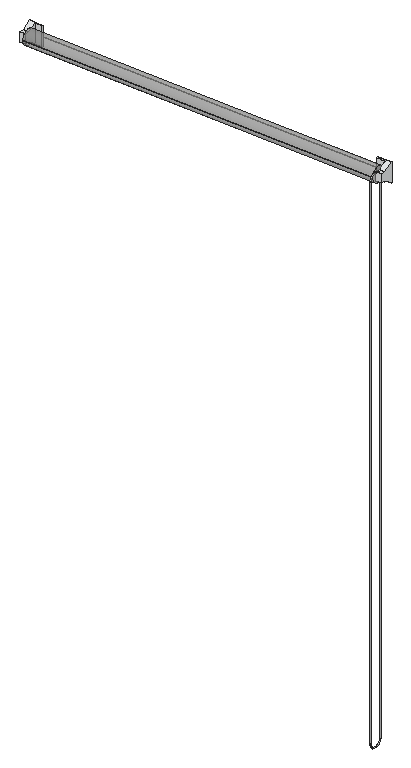
Revit family "Window_Shade-Draper_Inc.-Clutch_Flexshade", category Specialty Equipment, Revit 2026
Family settings
  Round Connector Dimension = Use Diameter
  Part Type = Normal
  Classification Number = 23.30.20.11
  Work Plane-Based = No
  Enable Cutting in Views = No
  Always vertical = Yes
  Cut with Voids When Loaded = No
  Maintain Annotation Orientation = No
  Shared = No
  Room Calculation Point = No
Parameters (values of type "Brackets Only - Small")
  Width = B1  # 0' - 3 7/16"
  URL = "http://www.DraperInc.com"
  Square Fascia = no
  Shade Material = Fabric - Draper - Green Screen Revive 5%
  Right Bead Chain [instance] = yes
  Raised [instance] = not(Lowered)  # yes
  Radius Fascia = no
  Product Page URL = "http://www.draperinc.com/WindowShades/shadeProducts.asp?detail=12"
  Product Name = "Bead Chain Clutch Operating System"  # constant formula
  Product Documentation Link = "http://www.draperinc.com/filedownload.asp?pathname=WindowShades/submittals&filename=FlexShadeCL_Sub.pdf"
  Overall Height = 6' - 0"
  Notes = "Maximum size 144” x 144”. Other sizes available. Contact Draper for details."  # constant formula
  Not BO = not(Brackets Only)  # no
  Model = "Bead Chain Clutch Operating System"  # constant formula
  Material = ""
  Manufacturer Contact = "1-800-238-7999"  # constant formula
  Manufacturer = "Draper Inc."  # constant formula
  Lowered [instance] = no
  Length = 4' - 0"
  Left Bead Chain [instance] = no
  Head Box = no
  Description = "Bead Chain Clutch Window Shade"  # constant formula
  Depth = A1  # 0' - 3 15/16"
  Default Elevation = 0' - 0"
  Case Material = Paint - Draper - White
  C Length = if(Length < 0' 6", 0' 6", Length)  # 4' - 0"
  Brackets Only = yes
  A2 = 0' - 2 1/2"
  B2 = 0' - 1 5/8"
  C2 = 0' - 0 3/4"
  A1 = 0' - 3 15/16"
  B1 = 0' - 3 7/16"
  C1 = 0' - 1 3/16"
  D1 = 0' - 0 5/8"
  E1 = 0' - 0 1/16"
Types (8): name | Width | Square Fascia | Radius Fascia | Product Page URL | Overall Height | Not BO | Length | Head Box | Depth | C Length | Brackets Only | A2 | B2 | A1 | B1 | C1 | E1
  Brackets Only - Small | 0' - 3 7/16" | no | no | "http://www.draperinc.com/WindowShades/shadeProducts.asp?detail=12" | 6' - 0" | no | 4' - 0" | no | 0' - 3 15/16" | 4' - 0" | yes | 0' - 2 1/2" | 0' - 1 5/8" | 0' - 3 15/16" | 0' - 3 7/16" | 0' - 1 3/16" | 0' - 0 1/16"
  Brackets Only - Large | 0' - 4 11/16" | no | no | "http://www.draperinc.com/WindowShades/shadeProducts.asp?detail=3" | 5' - 9 1/2" | no | 8' - 2 7/8" | no | 0' - 4 11/16" | 8' - 2 7/8" | yes | 0' - 3 1/4" | 0' - 2 1/4" | 0' - 4 11/16" | 0' - 4 11/16" | 0' - 1 9/16" | 0' - 0 3/32"
  Headbox - Large | 0' - 4 11/16" | no | no | "http://www.draperinc.com/WindowShades/shadeProducts.asp?detail=3" | 5' - 9 1/2" | yes | 8' - 2 7/8" | yes | 0' - 4 11/16" | 8' - 2 7/8" | no | 0' - 3 1/4" | 0' - 2 1/4" | 0' - 4 11/16" | 0' - 4 11/16" | 0' - 1 9/16" | 0' - 0 3/32"
  Headbox - Small | 0' - 3 7/16" | no | no | "http://www.draperinc.com/WindowShades/shadeProducts.asp?detail=12" | 6' - 0" | yes | 4' - 0" | yes | 0' - 3 15/16" | 4' - 0" | no | 0' - 2 1/2" | 0' - 1 5/8" | 0' - 3 15/16" | 0' - 3 7/16" | 0' - 1 3/16" | 0' - 0 1/16"
  Radius Fascia - Small | 0' - 3 7/16" | no | yes | "http://www.draperinc.com/WindowShades/shadeProducts.asp?detail=12" | 6' - 0" | yes | 4' - 0" | no | 0' - 3 15/16" | 4' - 0" | no | 0' - 2 1/2" | 0' - 1 5/8" | 0' - 3 15/16" | 0' - 3 7/16" | 0' - 1 3/16" | 0' - 0 1/16"
  Radius Fascia - Large | 0' - 4 11/16" | no | yes | "http://www.draperinc.com/WindowShades/shadeProducts.asp?detail=3" | 5' - 9 1/2" | yes | 8' - 2 7/8" | no | 0' - 4 11/16" | 8' - 2 7/8" | no | 0' - 3 1/4" | 0' - 2 1/4" | 0' - 4 11/16" | 0' - 4 11/16" | 0' - 1 9/16" | 0' - 0 3/32"
  Square Fascia - Small | 0' - 3 7/16" | yes | no | "http://www.draperinc.com/WindowShades/shadeProducts.asp?detail=12" | 6' - 0" | yes | 4' - 0" | no | 0' - 3 15/16" | 4' - 0" | no | 0' - 2 1/2" | 0' - 1 5/8" | 0' - 3 15/16" | 0' - 3 7/16" | 0' - 1 3/16" | 0' - 0 1/16"
  Square Fascia - Large | 0' - 4 11/16" | yes | no | "http://www.draperinc.com/WindowShades/shadeProducts.asp?detail=3" | 5' - 9 1/2" | yes | 8' - 2 7/8" | no | 0' - 4 11/16" | 8' - 2 7/8" | no | 0' - 3 1/4" | 0' - 2 1/4" | 0' - 4 11/16" | 0' - 4 11/16" | 0' - 1 9/16" | 0' - 0 3/32"
Reference planes (in)
  plane 1 "Center (Front/Back)": y = 0
  plane 2 "B/ Case": z = 0
  plane 3 "Center (Left/Right)": x = 0
  plane 4 "Front": y = -3.9375
  plane 5 "Left": x = -24
  plane 6 "Right": x = 24
  plane 7 "Bottom": z = -72
  plane 8: x = -23.9375
  plane 9: x = 23.9375
  plane 10: z = -71.4775
  plane 11: x = -23.1875
  plane 12: x = 23.1875
  plane 13 "Top": z = 3.4375
  plane 14: y = -1.1875
  plane 15 "Chain": x = 23.4375
  plane 16: z = -66
  plane 17: x = -23.4375
Forms (in)
  Extrusion 1, solid, material "Fabric - Draper - Green Screen Revive 5%" <- "Shade Material", visible <- "Lowered"
    sketch origin (0, 0, 0) x (0, 1, 0) y (0, 0, 1)
      loop
        spline (-0.62504, -72) -> (-0.61311, -71.9726) -> (-0.6027, -71.93679) -> (-0.59419, -71.89386) -> (-0.58788, -71.84536) -> (-0.584, -71.79303) -> (-0.58269, -71.73875) -> (-0.584, -71.68447) -> (-0.58788, -71.63214) -> (-0.59419, -71.58364) -> (-0.6027, -71.54072) -> (-0.61311, -71.50491) -> (-0.62504, -71.4775)
        line (-0.62504, -71.4775) -> (-0.68598, -71.4775)
        spline (-0.68598, -71.4775) -> (-0.69791, -71.50491) -> (-0.70832, -71.54072) -> (-0.71683, -71.58364) -> (-0.72314, -71.63214) -> (-0.72702, -71.68447) -> (-0.72833, -71.73875) -> (-0.72702, -71.79303) -> (-0.72314, -71.84536) -> (-0.71683, -71.89386) -> (-0.70832, -71.93679) -> (-0.69791, -71.9726) -> (-0.68598, -72)
        line (-0.68598, -72) -> (-0.62504, -72)
    from -23.1875 to 23.1875
  Sweep 2, solid, material "Fabric - Draper - Green Screen Revive 5%" <- "Shade Material", visible <- "Lowered"
    path origin (0, 0, 0) x (0, 1, 0) y (0, 0, 1)
      loop
        line (-0.65551, 1.5625) -> (-0.65551, -71.4775)
    profile origin (0, -0.65551, -71.4775) x (1, 0, 0) y (0, 1, 0)
      loop
        line (-23.1875, 0.03125) -> (-23.1875, -0.03125) -> (23.1875, -0.03125) -> (23.1875, 0.03125) -> (-23.1875, 0.03125)
  Sweep 3, solid, material "Metal - Draper - Chain", visible <- "Right Bead Chain", detail levels medium+fine
    path origin (23.4375, 0, 0) x (0, -1, 0) y (0, 0, 1)
      loop
        line (2.03125, 2.36145) -> (1.90625, 2.36145)
        arc (1.90625, 2.36145) -> (1.37592, 2.14178) -> (1.15625, 1.61145) r 0.75
        line (1.15625, 1.61145) -> (1.15625, -65.25)
        arc (1.15625, -65.25) -> (1.37592, -65.78033) -> (1.90625, -66) r 0.75
        line (1.90625, -66) -> (2.03125, -66)
        arc (2.03125, -66) -> (2.56158, -65.78033) -> (2.78125, -65.25) r 0.75
        line (2.78125, -65.25) -> (2.78125, 1.61145)
        arc (2.78125, 1.61145) -> (2.56158, 2.14178) -> (2.03125, 2.36145) r 0.75
    profile origin (23.4375, -2.78125, -31.81928) x (0, 1, 0) y (-1, 0, 0)
      loop
        circle (0, 0) r 0.03125
  Sweep 4, solid, material "Metal - Draper - Chain", visible <- "Left Bead Chain", detail levels medium+fine
    path origin (-23.4375, -60, 48) x (0, -1, 0) y (0, 0, 1)
      loop
        line (-57.96875, -45.63855) -> (-58.09375, -45.63855)
        arc (-58.09375, -45.63855) -> (-58.62408, -45.85822) -> (-58.84375, -46.38855) r 0.75
        line (-58.84375, -46.38855) -> (-58.84375, -113.25)
        arc (-58.84375, -113.25) -> (-58.62408, -113.78033) -> (-58.09375, -114) r 0.75
        line (-58.09375, -114) -> (-57.96875, -114)
        arc (-57.96875, -114) -> (-57.43842, -113.78033) -> (-57.21875, -113.25) r 0.75
        line (-57.21875, -113.25) -> (-57.21875, -46.38855)
        arc (-57.21875, -46.38855) -> (-57.43842, -45.85822) -> (-57.96875, -45.63855) r 0.75
    profile origin (-23.4375, -2.78125, -31.81928) x (0, 1, 0) y (-1, 0, 0)
      loop
        circle (0, 0) r 0.03125
Lines and regions (in)
  Masking region 1, visible <- "Not BO"
    outline origin (0, 0, 0) x (1, 0, 0) y (0, 1, 0)
      loop
        line (-24, 0) -> (-24, -3.9375) -> (24, -3.9375) -> (24, 0) -> (-24, 0)
  Masking region 2, visible <- "Not BO"
    outline origin (0, 0, 0) x (1, 0, 0) y (0, 1, 0)
      loop
        line (24, -3.9375) -> (24, 0) -> (23.9375, 0) -> (23.9375, -3.9375) -> (24, -3.9375)
  Masking region 3, visible <- "Not BO"
    outline origin (-98.4375, 0, 0) x (1, 0, 0) y (0, 1, 0)
      loop
        line (74.5, -3.9375) -> (74.5, 0) -> (74.4375, 0) -> (74.4375, -3.9375) -> (74.5, -3.9375)
  Masking region 4, visible <- "Brackets Only"
    outline origin (0, 0, 0) x (1, 0, 0) y (0, 1, 0)
      loop
        line (-24, 0) -> (-24, -1.625) -> (-23.25, -1.625) -> (-23.25, -0.1875) -> (-22.25, -0.1875) -> (-22.25, 0) -> (-24, 0)
  Masking region 5, visible <- "Brackets Only"
    outline origin (0, 0, 0) x (0, 1, 0) y (-1, 0, 0)
      loop
        line (0, -24) -> (0, -22.25) -> (-0.1875, -22.25) -> (-0.1875, -23.25) -> (-1.625, -23.25) -> (-1.625, -24) -> (0, -24)
  Masking region 6, visible <- "Brackets Only"
    outline origin (0, 0, 0) x (1, 0, 0) y (0, 1, 0)
      loop
        line (23.25, -2.125) -> (23.25, -0.1875) -> (-23.25, -0.1875) -> (-23.25, -2.125) -> (23.25, -2.125)
  symbolic lines, detail levels medium+fine
    curve 1: line (23.92951, -0.06265, 0) -> (23.9375, -0.06265, 0)
    curve 2: line (23.92951, -0.06265, 0) -> (23.92951, -2.92689, 0)
    curve 3: line (23.92951, -2.92689, 0) -> (23.9375, -2.92689, 0)
    curve 6: line (24, -3.8125, 0) -> (-24, -3.8125, 0)
  symbolic lines, detail levels fine
    curve 4: circle (-23.75419, 0, 2.79999) r 0.0625 normal (0, -1, 0)
    curve 5: circle (23.75419, 0, 2.79999) r 0.0625 normal (0, 1, 0)
Dimensions and locks (in)
  plane 1 "Center (Front/Back)" to plane 4 "Front" = 0' - 3 15/16"
  "E1": plane 5 "Left" to plane 8
  "E1": plane 9 to plane 6 "Right"
  locked: plane 10 to plane 7 "Bottom" at 0.5225
  locked: plane 5 "Left" to plane 11 at 0.8125
  locked: plane 12 to plane 6 "Right" at 0.8125
  Sweep 2 sketch curve to profile plane to Sweep 2 sketch curve = 0' - 0 1/32" locked, 0' - 0 1/32" locked
  plane 13 "Top" to Sweep 2 sketch curve = 0' - 1 7/8"
  "Depth": plane 1 "Center (Front/Back)" to plane 4 "Front"
  "Overall Height": plane 7 "Bottom" to level
  equal spacing: plane 5 "Left", plane 3 "Center (Left/Right)", plane 6 "Right"
  "C Length": plane 5 "Left" to plane 6 "Right"
  locked: plane 10 to Sweep 2 sketch curve at 0
  locked: plane 1 "Center (Front/Back)" to Sweep 2 sketch curve at 0.65551
  locked: plane 13 "Top" to curve 4 at 0.63751
  locked: plane 5 "Left" to curve 4 at 0.24581
  locked: curve 5 to plane 6 "Right" at 0.24581
  locked: plane 13 "Top" to curve 5 at 0.63751
  "Width": plane 13 "Top" to plane 2 "B/ Case"
  "C1": plane 1 "Center (Front/Back)" to plane 14
  plane 1 "Center (Front/Back)" to Extrusion 1 sketch curve to Extrusion 1 sketch curve to Extrusion 1 sketch curve to Extrusion 1 sketch curve = 0' - 0.58269" locked, 0' - 0.04235" locked, 0' - 0.06093" locked, 0' - 0.04235" locked
  plane 1 "Center (Front/Back)" to Extrusion 1 sketch curve to Extrusion 1 sketch curve = 0' - 0.62504" locked, 0' - 0.06093" locked
  plane 15 "Chain" to plane 6 "Right" = 0' - 0 9/16"
  Sweep 3 sketch curve to Sweep 3 sketch curve to plane 1 "Center (Front/Back)" = 0' - 1 5/8" locked, 0' - 1 5/32" locked
  locked: plane 13 "Top" to Sweep 3 sketch curve at 1.07605
  locked: plane 13 "Top" to Sweep 3 sketch curve at 1.82605  (x2)
  locked: Sweep 3 sketch curve to plane 16 at 0.75  (x2)
  locked: plane 16 to plane 7 "Bottom" at 6
  equal spacing: plane 13 "Top", nested 1, plane 2 "B/ Case"
  locked: Masking region 4 sketch curve to plane 1 "Center (Front/Back)" at 1.625
  plane 5 "Left" to Masking region 4 sketch curve = 0' - 0 3/4"
  locked: plane 5 "Left" to Masking region 4 sketch curve at 1.75
  locked: Masking region 4 sketch curve to plane 1 "Center (Front/Back)" at 0.1875
  locked: Masking region 5 sketch curve to plane 1 "Center (Front/Back)" at 1.625
  locked: Masking region 5 sketch curve to plane 6 "Right" at 1.75
  locked: Masking region 5 sketch curve to plane 6 "Right" at 0.75
  Masking region 6 sketch curve to Masking region 6 sketch curve to plane 1 "Center (Front/Back)" = 0' - 1 15/16" locked, 0' - 0 3/16" locked
  locked: plane 5 "Left" to Masking region 6 sketch curve at 0.75
  locked: Masking region 6 sketch curve to plane 6 "Right" at 0.75
  locked: plane 5 "Left" to plane 17 at 0.5625
  Sweep 4 sketch curve to Sweep 4 sketch curve to plane 1 "Center (Front/Back)" = 0' - 1 5/8" locked, 0' - 1 5/32" locked
  locked: plane 13 "Top" to Sweep 4 sketch curve at 1.07605
  locked: plane 13 "Top" to Sweep 4 sketch curve at 1.82605  (x2)
  locked: Sweep 4 sketch curve to plane 16 at 0.75  (x2)
  aligned and locked: level to plane 2 "B/ Case"
  aligned and locked: plane 11 to Sweep 2 sketch curve
  aligned and locked: Sweep 2 sketch curve to plane 12
  aligned and locked: plane 4 "Front" to Masking region 2 sketch curve
  aligned and locked: plane 1 "Center (Front/Back)" to Masking region 3 sketch curve
  aligned and locked: plane 8 to Masking region 3 sketch curve
  aligned and locked: Masking region 3 sketch curve to plane 5 "Left"
  aligned and locked: plane 4 "Front" to Masking region 3 sketch curve
  aligned and locked: plane 9 to curve 1
  aligned and locked: plane 9 to curve 3
  aligned and locked: Extrusion 1 sketch curve to plane 7 "Bottom"
  aligned and locked: Extrusion 1 sketch curve to plane 10
  aligned and locked: plane 11 to Extrusion 1
  aligned and locked: Extrusion 1 to plane 12
  aligned and locked: plane 1 "Center (Front/Back)" to Masking region 1 sketch curve
  aligned and locked: Masking region 1 sketch curve to plane 5 "Left"
  aligned and locked: Masking region 1 sketch curve to plane 4 "Front"
  aligned and locked: Masking region 1 sketch curve to plane 6 "Right"
  aligned and locked: plane 6 "Right" to curve 6
  aligned and locked: plane 5 "Left" to curve 6
  aligned and locked: plane 16 to Sweep 3 sketch curve
  aligned and locked: Sweep 3 sketch curve to plane 15 "Chain"  (x3)
  aligned and locked: Sweep 3 sketch curve to Sweep 3 sketch curve  (x3)
  aligned and locked: plane 3 "Center (Left/Right)" to nested 1
  aligned and locked: plane 3 "Center (Left/Right)" to nested 2
  aligned and locked: plane 3 "Center (Left/Right)" to nested 3
  aligned and locked: plane 3 "Center (Left/Right)" to nested 4
  aligned and locked: plane 13 "Top" to nested 4
  aligned and locked: plane 13 "Top" to nested 2
  aligned and locked: plane 13 "Top" to nested 3
  aligned and locked: plane 1 "Center (Front/Back)" to nested 3
  aligned and locked: plane 1 "Center (Front/Back)" to nested 2
  aligned and locked: plane 1 "Center (Front/Back)" to nested 1
  aligned and locked: plane 1 "Center (Front/Back)" to nested 4
  aligned and locked: Masking region 4 sketch curve to nested 1  (x2)
  aligned and locked: Masking region 5 sketch curve to plane 6 "Right"
  aligned and locked: Masking region 5 sketch curve to plane 1 "Center (Front/Back)"
  aligned and locked: Sweep 4 sketch curve to Sweep 4 sketch curve  (x3)
  aligned and locked: Sweep 4 sketch curve to plane 16
Automatic sketch dimensions
  curve 2 to curve 1 = 0' - 0.00799"
  plane 4 "Front" to curve 6 = 0' - 0 1/8"
  curve 6 to curve 2 = 0' - 0.88561"
  plane 1 "Center (Front/Back)" to curve 2 = 0' - 0.06265"
  Extrusion 1 sketch curve to Extrusion 1 sketch curve = 0' - 0.03047"
  Extrusion 1 sketch curve to Extrusion 1 sketch curve = 0' - 0"
  Masking region 2 sketch curve to plane 9 = 0' - 0"
  plane 1 "Center (Front/Back)" to Masking region 2 sketch curve = 0' - 0"
  Masking region 2 sketch curve to plane 6 "Right" = 0' - 0"
  Sweep 3 sketch curve to plane 15 "Chain" = 0' - 0"
  profile plane to Sweep 3 sketch curve = 0' - 0"
  Masking region 5 sketch curve to Masking region 5 sketch curve = 0' - 0 3/16"
  Sweep 4 sketch curve to profile plane = 0' - 0"  (x2)
  radius of curve 4 = 0' - 0 1/16"
  radius of curve 5 = 0' - 0 1/16"
  radius of Sweep 3 sketch curve = 0' - 0 1/32"
  radius of Sweep 4 sketch curve = 0' - 0 1/32"
Nested families (in)
  nested 1: "Brackets Only - Clutch" at (0, 0, -0.59375), visible <- "Brackets Only", type "Large"
    with Raised yes
  nested 2: "Square Fascia - Clutch" at (0, 0, 0), visible <- "Square Fascia", type "Large"
    with Raised yes
  nested 3: "Radius Fascia - Clutch" at (0, 0, 0), visible <- "Radius Fascia", type "Large"
    with Raised yes
  nested 4: "Head Box - Clutch" at (0, 0, 0), visible <- "Head Box", type "Large"
    with Raised yes, Lowered no
Definition of nested family "Brackets Only - Clutch"
  Parameters
    URL = "http://www.DraperInc.com"
    Shade Material = none
    Raised [instance] = yes
    Product Page URL = ""
    Product Name = ""
    Product Documentation Link = ""
    Model = ""
    Manufacturer Contact = "1-800-238-7999"  # constant formula
    Manufacturer = "Draper Inc."  # constant formula
    Length = 4' - 0"
    Fascia Material = none
    Description = ""
    Default Elevation = 0' - 0"
    CB2 = if(B2 < 0' 1 5/8", 0' 1 5/8", if(B2 > 0' 2 1/4", 0' 2 1/4", B2))  # 0' - 1 5/8"
    CA2 = if(A2 < 0' 2 1/2", 0' 2 1/2", if(A2 > 0' 3 1/4", 0' 3 1/4", A2))  # 0' - 2 1/2"
    A2 = 0' - 2 1/2"
    B2 = 0' - 1 5/8"
    C2 = 0' - 0 3/4"  # constant formula
  Reference planes (in)
    plane 1 "Center (Front/Back)": y = 0
    plane 2: z = 0
    plane 3 "Center (Left/Right)": x = 0
    plane 4 "Front": y = -4.6875
    plane 5: x = -24
    plane 6: x = 24
    plane 7 "Top": z = 4.625
    plane 8: y = -1.625
    plane 9: z = 2.3125
    plane 10: z = 3.5625
    plane 11: z = 1.0625
    plane 12: x = 23.25
    plane 13: x = -23.25
  Forms (in)
    Extrusion 1, solid, material <- "Fascia Material"
      sketch origin (0, 0, 0) x (0, 1, 0) y (0, 0, 1)
        loop
          line (0, 3.5625) -> (-1.0625, 2.875) -> (-1.625, 2.875) -> (-1.625, 1.75) -> (-1.0625, 1.75) -> (0, 1.0625) -> (0, 3.5625)
      from -24 to -23.25
    Extrusion 2, solid, material <- "Fascia Material"
      sketch origin (0, 0, 0) x (0, 1, 0) y (0, 0, 1)
        loop
          line (0, 3.5625) -> (-1.0625, 2.875) -> (-1.625, 2.875) -> (-1.625, 1.75) -> (-1.0625, 1.75) -> (0, 1.0625) -> (0, 3.5625)
      from 23.25 to 24
    Extrusion 3, solid, material <- "Shade Material"
      sketch origin (0, 0, 0) x (0, 1, 0) y (0, 0, 1)
        loop
          circle (-1.125, 2.3125) r 1
      from -23.25 to 23.25
    Extrusion 4, solid, material <- "Fascia Material"
      sketch origin (0, 0, 0) x (1, 0, 0) y (0, 1, 0)
        loop
          line (-23.25, 0) -> (-23.25, -0.1875) -> (-22.25, -0.1875) -> (-22.25, 0) -> (-23.25, 0)
      from 1.0625 to 3.5625
    Extrusion 5, solid, material <- "Fascia Material"
      sketch origin (4.5, 0, 0) x (1, 0, 0) y (0, 1, 0)
        loop
          line (17.75, 0) -> (17.75, -0.1875) -> (18.75, -0.1875) -> (18.75, 0) -> (17.75, 0)
      from 1.0625 to 3.5625
  Lines and regions (in)
    symbolic lines, detail levels medium+fine
      curve 1: line (24.71076, -0.06265, 0) -> (24.71875, -0.06265, 0)
      curve 2: line (24.71076, -3.67689, 0) -> (24.71875, -3.67689, 0)
  Dimensions and locks (in)
    plane 1 "Center (Front/Back)" to plane 4 "Front" = 0' - 4 11/16"  (x2)
    plane 7 "Top" to plane 2 = 0' - 4 5/8"
    equal spacing: plane 7 "Top", plane 9, plane 2
    equal spacing: plane 10, plane 9, plane 11
    "CA2": plane 10 to plane 11
    "CB2": plane 1 "Center (Front/Back)" to plane 8
    equal spacing: Extrusion 1 sketch curve, plane 9, Extrusion 1 sketch curve
    locked: plane 10 to Extrusion 1 sketch curve at 0
    locked: plane 11 to Extrusion 1 sketch curve at 0
    "C2": plane 5 to plane 13
    "C2": plane 12 to plane 6
    Extrusion 2 sketch curve to Extrusion 2 sketch curve = 0' - 1 1/8"
    locked: Extrusion 3 sketch curve to plane 8 at 0.5
    locked: plane 9 to Extrusion 3 sketch curve at 0
    Extrusion 3 sketch curve to plane 9 = 0' - 1"
    locked: plane 13 to Extrusion 4 sketch curve at 1
    Extrusion 4 sketch curve to plane 1 "Center (Front/Back)" = 0' - 0 3/16"
    locked: Extrusion 5 to plane 12 at 1
    locked: Extrusion 5 to plane 1 "Center (Front/Back)" at 0.1875
    equal spacing: plane 5, plane 3 "Center (Left/Right)", plane 6
    "Length": plane 5 to plane 6
    aligned and locked: level to plane 2
    aligned and locked: plane 1 "Center (Front/Back)" to Extrusion 1 sketch curve
    aligned and locked: plane 5 to Extrusion 1
    aligned and locked: Extrusion 1 to plane 13
    aligned and locked: Extrusion 2 to plane 6
    aligned and locked: plane 12 to Extrusion 2
    aligned and locked: Extrusion 3 to plane 12
    aligned and locked: plane 13 to Extrusion 3
    aligned and locked: plane 1 "Center (Front/Back)" to Extrusion 4 sketch curve
    aligned and locked: plane 10 to Extrusion 4
    aligned and locked: Extrusion 4 to plane 11
    aligned and locked: Extrusion 5 to plane 12
    aligned and locked: plane 10 to Extrusion 5
    aligned and locked: Extrusion 5 to plane 11
  Automatic sketch dimensions
    Extrusion 1 sketch curve to plane 8 = 0' - 0"
    plane 1 "Center (Front/Back)" to Extrusion 1 sketch curve = 0' - 1 1/16"  (x2)
    Extrusion 1 sketch curve to plane 9 = 0' - 0 9/16"
    Extrusion 2 sketch curve to plane 8 = 0' - 0"
    Extrusion 2 sketch curve to plane 1 "Center (Front/Back)" = 0' - 0"
    Extrusion 2 sketch curve to plane 11 = 0' - 0"
    Extrusion 2 sketch curve to plane 10 = 0' - 0"
    plane 1 "Center (Front/Back)" to Extrusion 2 sketch curve = 0' - 1 1/16"  (x2)
    Extrusion 2 sketch curve to plane 9 = 0' - 0 9/16"
    plane 9 to Extrusion 2 sketch curve = 0' - 0 9/16"
    Extrusion 4 sketch curve to plane 13 = 0' - 0"
    plane 1 "Center (Front/Back)" to Extrusion 5 sketch curve = 0' - 0"
    plane 1 "Center (Front/Back)" to Extrusion 5 sketch curve = 0' - 0 3/16"
    Extrusion 5 sketch curve to plane 13 = 3' - 9 1/2"
    Extrusion 5 sketch curve to Extrusion 5 sketch curve = 0' - 1"
    curve 2 to curve 2 = 0' - 0.00799"
    curve 1 to curve 1 = 0' - 0.00799"
    plane 4 "Front" to curve 2 = 0' - 1.01061"
    plane 1 "Center (Front/Back)" to curve 1 = 0' - 0.06265"
    curve 2 to plane 6 = 0' - 0.71076"
    curve 1 to plane 6 = 0' - 0.71076"
Definition of nested family "Square Fascia - Clutch"
  Parameters
    Width = B1  # 0' - 3 7/16"
    URL = "http://www.DraperInc.com"
    Shade Material = none
    Raised [instance] = yes
    Product Page URL = ""
    Product Name = ""
    Product Documentation Link = ""
    Model = ""
    Manufacturer Contact = "1-800-238-7999"  # constant formula
    Manufacturer = "Draper Inc."  # constant formula
    Length = 4' - 0"
    Fascia Material = none
    Description = ""
    Depth = A1  # 0' - 3 15/16"
    Default Elevation = 0' - 0"
    A1 = 0' - 3 15/16"
    B1 = 0' - 3 7/16"
    C1 = 0' - 1 3/16"
    D1 = 0' - 0 5/8"
    E1 = 0' - 0 1/16"
  Reference planes (in)
    plane 1 "Center (Front/Back)": y = 0
    plane 2: z = 0
    plane 3 "Center (Left/Right)": x = 0
    plane 4 "Front": y = -3.9375
    plane 5 "Left": x = -24
    plane 6 "Right": x = 24
    plane 7: x = -23.9375
    plane 8: x = 23.9375
    plane 9: x = -23.1875
    plane 10: x = 23.1875
    plane 11 "Top": z = 3.4375
    plane 12: y = -1.1875
  Forms (in)
    Extrusion 1, solid, material <- "Fascia Material"
      sketch origin (0, 0, 0) x (0, 1, 0) y (0, 0, 1)
        loop
          line (-3.8125, 3.4375) -> (-3.9375, 3.4375) -> (-3.9375, 0) -> (-1.40928, 0) -> (-1.40928, 0.125) -> (-3.8125, 0.125) -> (-3.8125, 3.4375)
      from -23.9375 to 23.92951
    Extrusion 2, solid, material <- "Fascia Material"
      sketch origin (0, 0, 0) x (0, 1, 0) y (0, 0, 1)
        loop
          line (-3.9375, 3.4375) -> (-3.9375, 0) -> (0, 0) -> (0, 3.4375) -> (-3.9375, 3.4375)
      from 23.9375 to 24
    Extrusion 3, solid, material <- "Fascia Material"
      sketch origin (0, 0, 0) x (0, 1, 0) y (0, 0, 1)
        loop
          line (0, 3.4375) -> (-3.9375, 3.4375) -> (-3.9375, 0) -> (0, 0) -> (0, 3.4375)
      from -24 to -23.9375
    Extrusion 4, solid
      sketch origin (0, 0, 0) x (0, 1, 0) y (0, 0, 1)
        loop
          circle (-1.75, 1.71875) r 1.5
      from -23.1875 to 23.1875
  Lines and regions (in)
    Masking region 1
      outline origin (0, 0, 0) x (1, 0, 0) y (0, 1, 0)
        loop
          line (-24, 0) -> (-24, -3.9375) -> (24, -3.9375) -> (24, 0) -> (-24, 0)
    Masking region 2
      outline origin (0, 0, 0) x (1, 0, 0) y (0, 1, 0)
        loop
          line (24, -3.9375) -> (24, 0) -> (23.9375, 0) -> (23.9375, -3.9375) -> (24, -3.9375)
    Masking region 3
      outline origin (-98.4375, 0, 0) x (1, 0, 0) y (0, 1, 0)
        loop
          line (74.5, -3.9375) -> (74.5, 0) -> (74.4375, 0) -> (74.4375, -3.9375) -> (74.5, -3.9375)
    Masking region 4
      outline origin (0, 0, 0) x (0, 1, 0) y (0, 0, 1)
        loop
          line (0, 3.4375) -> (-3.9375, 3.4375) -> (-3.9375, 0) -> (0, 0) -> (0, 3.4375)
    symbolic lines, detail levels medium+fine
      curve 1: line (23.92951, -0.06265, 0) -> (23.9375, -0.06265, 0)
      curve 2: line (23.92951, -0.06265, 0) -> (23.92951, -2.92689, 0)
      curve 3: line (23.92951, -2.92689, 0) -> (23.9375, -2.92689, 0)
      curve 6: line (24, -3.8125, 0) -> (-24, -3.8125, 0)
    symbolic lines, detail levels fine
      curve 4: circle (-23.75419, 0, 2.79999) r 0.0625 normal (0, -1, 0)
      curve 5: circle (23.75419, 0, 2.79999) r 0.0625 normal (0, 1, 0)
      curve 7: line (-23.9375, -0.49703, 0) -> (23.1875, -0.49703, 0)
      curve 8: line (-23.9375, -1.40928, 0) -> (-23.9375, -0.49703, 0)
      curve 9: line (23.1875, -1.40928, 0) -> (-23.9375, -1.40928, 0)
      curve 10: line (23.1875, -0.49703, 0) -> (23.1875, -1.40928, 0)
  Dimensions and locks (in)
    plane 1 "Center (Front/Back)" to plane 4 "Front" = 0' - 3 15/16"
    "E1": plane 5 "Left" to plane 7
    "E1": plane 8 to plane 6 "Right"
    locked: plane 5 "Left" to plane 9 at 0.8125
    locked: plane 10 to plane 6 "Right" at 0.8125
    "Depth": plane 1 "Center (Front/Back)" to plane 4 "Front"
    equal spacing: plane 5 "Left", plane 3 "Center (Left/Right)", plane 6 "Right"
    "Length": plane 5 "Left" to plane 6 "Right"
    plane 5 "Left" to Extrusion 1 = 0' - 0 1/16"
    locked: Extrusion 1 to plane 6 "Right" at 0.07049
    locked: plane 11 "Top" to curve 4 at 0.63751
    locked: plane 5 "Left" to curve 4 at 0.24581
    locked: curve 5 to plane 6 "Right" at 0.24581
    locked: plane 11 "Top" to curve 5 at 0.63751
    "Width": plane 11 "Top" to plane 2
    locked: Extrusion 1 sketch curve to plane 4 "Front" at 0.125
    locked: Extrusion 1 sketch curve to plane 2 at 0.125
    "C1": plane 1 "Center (Front/Back)" to plane 12
    locked: Extrusion 1 to plane 4 "Front" at 0.125
    equal spacing: plane 11 "Top", Extrusion 4 sketch curve, plane 2
    plane 1 "Center (Front/Back)" to Extrusion 4 sketch curve = 0' - 1 3/4"
    aligned and locked: level to plane 2
    aligned and locked: Extrusion 2 to plane 6 "Right"
    aligned and locked: plane 8 to Extrusion 2
    aligned and locked: plane 5 "Left" to Extrusion 3
    aligned and locked: Extrusion 3 to plane 7
    aligned and locked: Masking region 2 sketch curve to Extrusion 2  (x2)
    aligned and locked: plane 4 "Front" to Masking region 2 sketch curve
    aligned and locked: plane 1 "Center (Front/Back)" to Masking region 3 sketch curve
    aligned and locked: plane 7 to Masking region 3 sketch curve
    aligned and locked: Masking region 3 sketch curve to plane 5 "Left"
    aligned and locked: plane 4 "Front" to Masking region 3 sketch curve
    aligned and locked: plane 8 to curve 1
    aligned and locked: plane 8 to curve 3
    aligned and locked: plane 11 "Top" to Extrusion 3 sketch curve
    aligned and locked: Extrusion 3 sketch curve to plane 1 "Center (Front/Back)"
    aligned and locked: Extrusion 3 sketch curve to level
    aligned and locked: Extrusion 3 sketch curve to plane 4 "Front"
    aligned and locked: Extrusion 2 to Extrusion 1 sketch curve
    aligned and locked: Extrusion 1 sketch curve to Extrusion 2  (x2)
    aligned and locked: plane 7 to Extrusion 1
    aligned and locked: plane 1 "Center (Front/Back)" to Masking region 1 sketch curve
    aligned and locked: Masking region 1 sketch curve to plane 5 "Left"
    aligned and locked: Masking region 1 sketch curve to plane 4 "Front"
    aligned and locked: Masking region 1 sketch curve to plane 6 "Right"
    aligned and locked: plane 6 "Right" to curve 6
    aligned and locked: plane 5 "Left" to curve 6
    aligned and locked: Masking region 4 sketch curve to Extrusion 1  (x2)
    aligned and locked: Masking region 4 sketch curve to Extrusion 2
    aligned and locked: curve 8 to plane 7
    aligned and locked: plane 10 to curve 10
    aligned and locked: Extrusion 1 to curve 9
    aligned and locked: plane 9 to Extrusion 4
    aligned and locked: Extrusion 4 to plane 10
  Automatic sketch dimensions
    plane 1 "Center (Front/Back)" to Masking region 2 sketch curve = 0' - 0"
    Extrusion 2 sketch curve to level = 0' - 0"
    Extrusion 2 sketch curve to plane 4 "Front" = 0' - 0"
    Extrusion 2 sketch curve to plane 1 "Center (Front/Back)" = 0' - 0"
    Extrusion 2 sketch curve to plane 11 "Top" = 0' - 0"
    plane 1 "Center (Front/Back)" to Extrusion 1 sketch curve = 0' - 1.40928"
    curve 2 to curve 1 = 0' - 0.00799"
    plane 4 "Front" to curve 6 = 0' - 0 1/8"
    curve 6 to curve 2 = 0' - 0.88561"
    plane 1 "Center (Front/Back)" to curve 1 = 0' - 0.06265"
    plane 1 "Center (Front/Back)" to curve 10 = 0' - 0.49703"
    Masking region 4 sketch curve to plane 1 "Center (Front/Back)" = 0' - 0"
    radius of curve 4 = 0' - 0 1/16"
    radius of curve 5 = 0' - 0 1/16"
    radius of Extrusion 4 sketch curve = 0' - 1 1/2"
Definition of nested family "Radius Fascia - Clutch"
  Parameters
    Width = B1  # 0' - 3 7/16"
    URL = "http://www.DraperInc.com"
    Shade Material = none
    Raised [instance] = yes
    Product Page URL = ""
    Product Name = ""
    Product Documentation Link = ""
    Model = ""
    Manufacturer Contact = "1-800-238-7999"  # constant formula
    Manufacturer = "Draper Inc."  # constant formula
    Length = 4' - 0"
    Fascia Material = none
    Description = ""
    Depth = A1  # 0' - 3 15/16"
    Default Elevation = 0' - 0"
    A1 = 0' - 3 15/16"
    B1 = 0' - 3 7/16"
    C1 = 0' - 1 3/16"
    D1 = 0' - 0 5/8"
    E1 = 0' - 0 1/16"
  Reference planes (in)
    plane 1 "Center (Front/Back)": y = 0
    plane 2: z = 0
    plane 3 "Center (Left/Right)": x = 0
    plane 4 "Front": y = -3.9375
    plane 5 "Left": x = -24
    plane 6 "Right": x = 24
    plane 7: x = -23.9375
    plane 8: x = 23.9375
    plane 9: x = -23.1875
    plane 10: x = 23.1875
    plane 11 "Top": z = 3.4375
    plane 12: y = -1.1875
  Forms (in)
    Extrusion 1, solid, material <- "Fascia Material"
      sketch origin (0, 0, 0) x (0, 1, 0) y (0, 0, 1)
        loop
          line (-3.8125, 3.4375) -> (-3.9375, 3.4375) -> (-3.9375, 2)
          arc (-3.9375, 2) -> (-3.35171, 0.58579) -> (-1.9375, 0) r 2
          line (-1.9375, 0) -> (-1.03428, 0) -> (-1.03428, 0.125) -> (-1.94339, 0.125)
          arc (-1.94339, 0.125) -> (-3.26505, 0.67245) -> (-3.8125, 1.99411) r 1.86911
          line (-3.8125, 1.99411) -> (-3.8125, 3.4375)
      from -23.9375 to 23.92951
    Extrusion 2, solid, material <- "Fascia Material"
      sketch origin (0, 0, 0) x (0, 1, 0) y (0, 0, 1)
        loop
          line (-3.9375, 3.4375) -> (-3.9375, 2)
          arc (-3.9375, 2) -> (-3.35171, 0.58579) -> (-1.9375, 0) r 2
          line (-1.9375, 0) -> (0, 0) -> (0, 3.4375) -> (-3.9375, 3.4375)
      from 23.9375 to 24
    Extrusion 3, solid, material <- "Fascia Material"
      sketch origin (0, 0, 0) x (0, 1, 0) y (0, 0, 1)
        loop
          line (0, 3.4375) -> (-3.9375, 3.4375) -> (-3.9375, 2)
          arc (-3.9375, 2) -> (-3.35171, 0.58579) -> (-1.9375, 0) r 2
          line (-1.9375, 0) -> (0, 0) -> (0, 3.4375)
      from -24 to -23.9375
    Extrusion 4, solid, material <- "Shade Material"
      sketch origin (0, 0, 0) x (0, 1, 0) y (0, 0, 1)
        loop
          circle (-1.75, 1.71875) r 1.5
      from -23.1875 to 23.1875
  Lines and regions (in)
    Masking region 1
      outline origin (0, 0, 0) x (1, 0, 0) y (0, 1, 0)
        loop
          line (-24, 0) -> (-24, -3.9375) -> (24, -3.9375) -> (24, 0) -> (-24, 0)
    Masking region 2
      outline origin (0, 0, 0) x (1, 0, 0) y (0, 1, 0)
        loop
          line (24, -3.9375) -> (24, 0) -> (23.9375, 0) -> (23.9375, -3.9375) -> (24, -3.9375)
    Masking region 3
      outline origin (-98.4375, 0, 0) x (1, 0, 0) y (0, 1, 0)
        loop
          line (74.5, -3.9375) -> (74.5, 0) -> (74.4375, 0) -> (74.4375, -3.9375) -> (74.5, -3.9375)
    Masking region 4
      outline origin (0, 0, 0) x (0, 1, 0) y (0, 0, 1)
        loop
          line (0, 3.4375) -> (-3.9375, 3.4375) -> (-3.9375, 2)
          arc (-3.9375, 2) -> (-3.35171, 0.58579) -> (-1.9375, 0) r 2
          line (-1.9375, 0) -> (0, 0) -> (0, 3.4375)
    symbolic lines, detail levels medium+fine
      curve 1: line (23.92951, -0.06265, 0) -> (23.9375, -0.06265, 0)
      curve 2: line (23.92951, -0.06265, 0) -> (23.92951, -2.92689, 0)
      curve 3: line (23.92951, -2.92689, 0) -> (23.9375, -2.92689, 0)
      curve 6: line (24, -3.8125, 0) -> (-24, -3.8125, 0)
    symbolic lines, detail levels fine
      curve 4: circle (-23.75419, 0, 2.79999) r 0.0625 normal (0, -1, 0)
      curve 5: circle (23.75419, 0, 2.79999) r 0.0625 normal (0, 1, 0)
      curve 7: line (-23.9375, -0.49703, 0) -> (23.1875, -0.49703, 0)
      curve 8: line (-23.9375, -1.03428, 0) -> (-23.9375, -0.49703, 0)
      curve 9: line (23.1875, -1.03428, 0) -> (-23.9375, -1.03428, 0)
      curve 10: line (23.1875, -0.49703, 0) -> (23.1875, -1.03428, 0)
  Dimensions and locks (in)
    plane 1 "Center (Front/Back)" to plane 4 "Front" = 0' - 3 15/16"
    "E1": plane 5 "Left" to plane 7
    "E1": plane 8 to plane 6 "Right"
    locked: plane 5 "Left" to plane 9 at 0.8125
    locked: plane 10 to plane 6 "Right" at 0.8125
    "Depth": plane 1 "Center (Front/Back)" to plane 4 "Front"
    equal spacing: plane 5 "Left", plane 3 "Center (Left/Right)", plane 6 "Right"
    "Length": plane 5 "Left" to plane 6 "Right"
    plane 5 "Left" to Extrusion 1 = 0' - 0 1/16"
    locked: Extrusion 1 to plane 6 "Right" at 0.07049
    locked: plane 11 "Top" to curve 4 at 0.63751
    locked: plane 5 "Left" to curve 4 at 0.24581
    locked: curve 5 to plane 6 "Right" at 0.24581
    locked: plane 11 "Top" to curve 5 at 0.63751
    "Width": plane 11 "Top" to plane 2
    locked: Extrusion 1 sketch curve to plane 4 "Front" at 0.125
    locked: Extrusion 1 sketch curve to plane 2 at 0.125
    "C1": plane 1 "Center (Front/Back)" to plane 12
    locked: Extrusion 1 to plane 4 "Front" at 0.125
    locked: Extrusion 1 sketch curve to plane 2 at 2
    locked: Extrusion 1 sketch curve to level at 1.99411
    locked: Extrusion 1 sketch curve to plane 4 "Front" at 2
    locked: Extrusion 1 sketch curve to plane 4 "Front" at 1.99411
    locked: Masking region 4 sketch curve to plane 4 "Front" at 2
    locked: Masking region 4 sketch curve to level at 2
    locked: Extrusion 3 sketch curve to plane 2 at 2
    locked: Extrusion 3 sketch curve to plane 4 "Front" at 2
    locked: Extrusion 2 sketch curve to plane 4 "Front" at 2
    locked: Extrusion 2 sketch curve to plane 2 at 2
    locked: plane 1 "Center (Front/Back)" to Extrusion 4 sketch curve at 1.75
    equal spacing: plane 11 "Top", Extrusion 4 sketch curve, plane 2
    aligned and locked: level to plane 2
    aligned and locked: Extrusion 2 to plane 6 "Right"
    aligned and locked: plane 8 to Extrusion 2
    aligned and locked: plane 5 "Left" to Extrusion 3
    aligned and locked: Extrusion 3 to plane 7
    aligned and locked: Masking region 2 sketch curve to Extrusion 2  (x2)
    aligned and locked: plane 4 "Front" to Masking region 2 sketch curve
    aligned and locked: plane 1 "Center (Front/Back)" to Masking region 3 sketch curve
    aligned and locked: plane 7 to Masking region 3 sketch curve
    aligned and locked: Masking region 3 sketch curve to plane 5 "Left"
    aligned and locked: plane 4 "Front" to Masking region 3 sketch curve
    aligned and locked: plane 8 to curve 1
    aligned and locked: plane 8 to curve 3
    aligned and locked: plane 11 "Top" to Extrusion 3 sketch curve
    aligned and locked: Extrusion 3 sketch curve to plane 1 "Center (Front/Back)"
    aligned and locked: Extrusion 3 sketch curve to level
    aligned and locked: Extrusion 3 sketch curve to plane 4 "Front"
    aligned and locked: Extrusion 2 to Extrusion 1 sketch curve  (x2)
    aligned and locked: Extrusion 1 sketch curve to Extrusion 2
    aligned and locked: plane 7 to Extrusion 1
    aligned and locked: plane 1 "Center (Front/Back)" to Masking region 1 sketch curve
    aligned and locked: Masking region 1 sketch curve to plane 5 "Left"
    aligned and locked: Masking region 1 sketch curve to plane 4 "Front"
    aligned and locked: Masking region 1 sketch curve to plane 6 "Right"
    aligned and locked: plane 6 "Right" to curve 6
    aligned and locked: plane 5 "Left" to curve 6
    aligned and locked: Masking region 4 sketch curve to Extrusion 1  (x2)
    aligned and locked: Extrusion 2 to Masking region 4 sketch curve
    aligned and locked: curve 8 to plane 7
    aligned and locked: plane 10 to curve 10
    aligned and locked: Extrusion 1 to curve 9
    aligned and locked: plane 9 to Extrusion 4
    aligned and locked: Extrusion 4 to plane 10
  Automatic sketch dimensions
    plane 1 "Center (Front/Back)" to Masking region 2 sketch curve = 0' - 0"
    curve 2 to curve 1 = 0' - 0.00799"
    plane 4 "Front" to curve 3 = 0' - 1.01061"
    plane 4 "Front" to curve 6 = 0' - 0 1/8"
    plane 1 "Center (Front/Back)" to curve 10 = 0' - 0.49703"
    plane 1 "Center (Front/Back)" to curve 1 = 0' - 0.06265"
    Masking region 4 sketch curve to plane 1 "Center (Front/Back)" = 0' - 0"
    plane 12 to Extrusion 1 sketch curve = 0' - 0.15322"
    Extrusion 2 sketch curve to plane 4 "Front" = 0' - 0"
    Extrusion 2 sketch curve to plane 1 "Center (Front/Back)" = 0' - 0"
    Extrusion 2 sketch curve to plane 11 "Top" = 0' - 0"
    radius of curve 4 = 0' - 0 1/16"
    radius of curve 5 = 0' - 0 1/16"
    radius of Extrusion 4 sketch curve = 0' - 1 1/2"
Definition of nested family "Head Box - Clutch"
  Parameters
    Width = B1  # 0' - 3 7/16"
    URL = "http://www.DraperInc.com"
    Raised [instance] = not(Lowered)  # yes
    Product Page URL = ""
    Product Name = ""
    Product Documentation Link = ""
    Model = ""
    Manufacturer Contact = "1-800-238-7999"  # constant formula
    Manufacturer = "Draper Inc."  # constant formula
    Overall Height = 5' - 9 1/2"
    Lowered [instance] = no
    Length = 4' - 0"
    Fascia Material = none
    Description = ""
    Depth = A1  # 0' - 3 15/16"
    Default Elevation = 0' - 0"
    A1 = 0' - 3 15/16"
    B1 = 0' - 3 7/16"
    C1 = 0' - 1 3/16"
    D1 = 0' - 0 5/8"
    E1 = 0' - 0 1/16"
  Reference planes (in)
    plane 1 "Center (Front/Back)": y = 0
    plane 2: z = 0
    plane 3 "Center (Left/Right)": x = 0
    plane 4 "Front": y = -3.9375
    plane 5 "Left": x = -24
    plane 6 "Right": x = 24
    plane 7: x = -23.9375
    plane 8: x = 23.9375
    plane 9: x = -23.1875
    plane 10: x = 23.1875
    plane 11 "Top": z = 3.4375
    plane 12: y = -1.1875
  Forms (in)
    Extrusion 1, solid, material <- "Fascia Material"
      sketch origin (0, 0, 0) x (0, 1, 0) y (0, 0, 1)
        loop
          line (0, 3.4375) -> (-3.9375, 3.4375) -> (-3.9375, 0) -> (-1.40928, 0) -> (-1.40928, 0.125) -> (-3.8125, 0.125) -> (-3.8125, 3.3125) -> (-0.125, 3.3125) -> (-0.125, 0.125) -> (-0.49703, 0.125) -> (-0.49703, 0) -> (0, 0) -> (0, 3.4375)
      from -23.9375 to 23.92951
    Extrusion 2, solid, material <- "Fascia Material"
      sketch origin (0, 0, 0) x (0, 1, 0) y (0, 0, 1)
        loop
          line (-3.9375, 3.4375) -> (-3.9375, 0) -> (0, 0) -> (0, 3.4375) -> (-3.9375, 3.4375)
      from 23.9375 to 24
    Extrusion 3, solid, material <- "Fascia Material"
      sketch origin (0, 0, 0) x (0, 1, 0) y (0, 0, 1)
        loop
          line (0, 3.4375) -> (-3.9375, 3.4375) -> (-3.9375, 0) -> (0, 0) -> (0, 3.4375)
      from -24 to -23.9375
  Lines and regions (in)
    Masking region 1
      outline origin (0, 0, 0) x (1, 0, 0) y (0, 1, 0)
        loop
          line (-24, 0) -> (-24, -3.9375) -> (24, -3.9375) -> (24, 0) -> (-24, 0)
    Masking region 2
      outline origin (0, 0, 0) x (1, 0, 0) y (0, 1, 0)
        loop
          line (24, -3.9375) -> (24, 0) -> (23.9375, 0) -> (23.9375, -3.9375) -> (24, -3.9375)
    Masking region 3
      outline origin (-98.4375, 0, 0) x (1, 0, 0) y (0, 1, 0)
        loop
          line (74.5, -3.9375) -> (74.5, 0) -> (74.4375, 0) -> (74.4375, -3.9375) -> (74.5, -3.9375)
    Masking region 4
      outline origin (0, 0, 0) x (0, 1, 0) y (0, 0, 1)
        loop
          line (0, 3.4375) -> (-3.9375, 3.4375) -> (-3.9375, 0) -> (0, 0) -> (0, 3.4375)
    symbolic lines, detail levels medium+fine
      curve 1: line (23.92951, -0.06265, 0) -> (23.9375, -0.06265, 0)
      curve 2: line (23.92951, -0.06265, 0) -> (23.92951, -2.92689, 0)
      curve 3: line (23.92951, -2.92689, 0) -> (23.9375, -2.92689, 0)
      curve 6: line (24, -3.8125, 0) -> (-24, -3.8125, 0)
    symbolic lines, detail levels fine
      curve 4: circle (-23.75419, 0, 2.79999) r 0.0625 normal (0, -1, 0)
      curve 5: circle (23.75419, 0, 2.79999) r 0.0625 normal (0, 1, 0)
      curve 7: line (-23.9375, -0.49703, 0) -> (23.1875, -0.49703, 0)
      curve 8: line (-23.9375, -1.40928, 0) -> (-23.9375, -0.49703, 0)
      curve 9: line (23.1875, -1.40928, 0) -> (-23.9375, -1.40928, 0)
      curve 10: line (23.1875, -0.49703, 0) -> (23.1875, -1.40928, 0)
  Dimensions and locks (in)
    plane 1 "Center (Front/Back)" to plane 4 "Front" = 0' - 3 15/16"
    "E1": plane 5 "Left" to plane 7
    "E1": plane 8 to plane 6 "Right"
    locked: plane 5 "Left" to plane 9 at 0.8125
    locked: plane 10 to plane 6 "Right" at 0.8125
    "Depth": plane 1 "Center (Front/Back)" to plane 4 "Front"
    equal spacing: plane 5 "Left", plane 3 "Center (Left/Right)", plane 6 "Right"
    "Length": plane 5 "Left" to plane 6 "Right"
    plane 5 "Left" to Extrusion 1 = 0' - 0 1/16"
    locked: Extrusion 1 to plane 6 "Right" at 0.07049
    locked: plane 11 "Top" to curve 4 at 0.63751
    locked: plane 5 "Left" to curve 4 at 0.24581
    locked: curve 5 to plane 6 "Right" at 0.24581
    locked: plane 11 "Top" to curve 5 at 0.63751
    "Width": plane 11 "Top" to plane 2
    locked: plane 1 "Center (Front/Back)" to Extrusion 1 sketch curve at 0.125
    locked: Extrusion 1 sketch curve to plane 4 "Front" at 0.125
    locked: plane 11 "Top" to Extrusion 1 sketch curve at 0.125
    locked: Extrusion 1 sketch curve to plane 2 at 0.125  (x2)
    "C1": plane 1 "Center (Front/Back)" to plane 12
    locked: Extrusion 1 to plane 4 "Front" at 0.125
    aligned and locked: level to plane 2
    aligned and locked: Extrusion 2 to plane 6 "Right"
    aligned and locked: plane 8 to Extrusion 2
    aligned and locked: plane 5 "Left" to Extrusion 3
    aligned and locked: Extrusion 3 to plane 7
    aligned and locked: Masking region 2 sketch curve to Extrusion 2  (x2)
    aligned and locked: plane 4 "Front" to Masking region 2 sketch curve
    aligned and locked: plane 1 "Center (Front/Back)" to Masking region 3 sketch curve
    aligned and locked: plane 7 to Masking region 3 sketch curve
    aligned and locked: Masking region 3 sketch curve to plane 5 "Left"
    aligned and locked: plane 4 "Front" to Masking region 3 sketch curve
    aligned and locked: plane 8 to curve 1
    aligned and locked: plane 8 to curve 3
    aligned and locked: plane 11 "Top" to Extrusion 3 sketch curve
    aligned and locked: Extrusion 3 sketch curve to plane 1 "Center (Front/Back)"
    aligned and locked: Extrusion 3 sketch curve to level
    aligned and locked: Extrusion 3 sketch curve to plane 4 "Front"
    aligned and locked: Extrusion 1 sketch curve to Extrusion 2  (x4)
    aligned and locked: plane 7 to Extrusion 1
    aligned and locked: plane 1 "Center (Front/Back)" to Masking region 1 sketch curve
    aligned and locked: Masking region 1 sketch curve to plane 5 "Left"
    aligned and locked: Masking region 1 sketch curve to plane 4 "Front"
    aligned and locked: Masking region 1 sketch curve to plane 6 "Right"
    aligned and locked: plane 6 "Right" to curve 6
    aligned and locked: plane 5 "Left" to curve 6
    aligned and locked: Masking region 4 sketch curve to Extrusion 1  (x3)
    aligned and locked: Masking region 4 sketch curve to Extrusion 2
    aligned and locked: curve 8 to plane 7
    aligned and locked: plane 10 to curve 10
    aligned and locked: curve 7 to Extrusion 1
    aligned and locked: Extrusion 1 to curve 9
  Automatic sketch dimensions
    plane 1 "Center (Front/Back)" to Masking region 2 sketch curve = 0' - 0"
    Extrusion 2 sketch curve to level = 0' - 0"
    Extrusion 2 sketch curve to plane 4 "Front" = 0' - 0"
    Extrusion 2 sketch curve to plane 1 "Center (Front/Back)" = 0' - 0"
    Extrusion 2 sketch curve to plane 11 "Top" = 0' - 0"
    plane 1 "Center (Front/Back)" to Extrusion 1 sketch curve = 0' - 1.40928"
    plane 1 "Center (Front/Back)" to Extrusion 1 sketch curve = 0' - 0.49703"
    Extrusion 1 sketch curve to level = 0' - 0"
    curve 2 to curve 1 = 0' - 0.00799"
    plane 4 "Front" to curve 6 = 0' - 0 1/8"
    curve 6 to curve 2 = 0' - 0.88561"
    plane 1 "Center (Front/Back)" to curve 1 = 0' - 0.06265"
    radius of curve 4 = 0' - 0 1/16"
    radius of curve 5 = 0' - 0 1/16"
